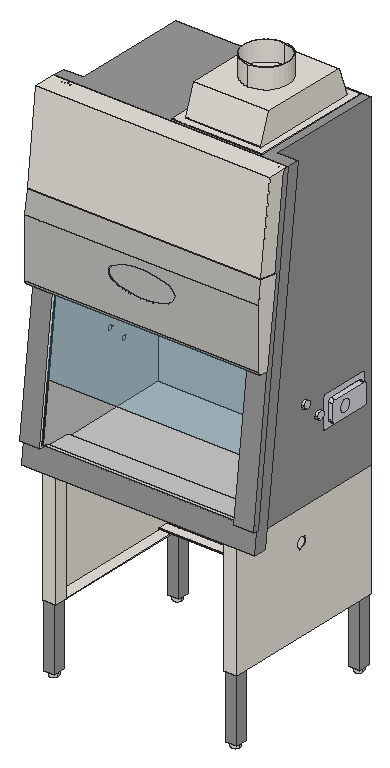
Revit family "NU-543 LabGard Class II Type A2 Laminar Flow Biosafety Cabinet with NU-911", category Mechanical Equipment, Revit 2020
Family settings
  Round Connector Dimension = Use Diameter
  Part Type = Normal
  OmniClass Number = 23.75.00.00
  OmniClass Title = Climate Control (HVAC)
  Work Plane-Based = No
  Always vertical = Yes
  Cut with Voids When Loaded = No
  Shared = No
  Room Calculation Point = No
Parameters (values of type "NU-543-300")
  window width = 2' - 11 7/8"
  transition width = 1' - 1 3/8"
  transition depth = 1' - 7 1/8"
  exhaust ring inner = 0' - 3 15/16"
  exhaust door width = 1' - 1 3/16"
  crossbar = 2' - 10 9/64"
  Workzone Width = 2' - 10 3/8"
  Overall Width = 3' - 5 9/16"
  Model = "NU-543-300"
  Manufacturer = "NuAire Inc."
  Exhaust Filter Width = 1' - 0 1/2"
  Exhaust Diameter = 0' - 8"
  Exhaust Center = 1' - 1"
  Description = "LabGard Class II Type A2 Laminar Flow Biosafety Cabinet 115v with NU-911"
  Default Elevation = 0' - 0"
  Cabinet Width = 2' - 10 9/16"
  Cabinet Height = 4' - 10 7/8"
  Cabinet Depth = 2' - 6"
Types (4): name | window width | transition width | exhaust ring inner | exhaust door width | crossbar | Workzone Width | Overall Width | Model | Exhaust Filter Width | Exhaust Diameter | Exhaust Center | Cabinet Width
  NU-543-600 | 5' - 11 7/8" | 2' - 11 3/8" | 0' - 4 15/16" | 2' - 7 3/16" | 5' - 10.1415" | 5' - 10 3/8" | 6' - 5 9/16" | "NU-543-600" | 2' - 10 1/2" | 0' - 10" | 2' - 0" | 5' - 10 9/16"
  NU-543-500 | 4' - 11 7/8" | 2' - 5 3/8" | 0' - 4 15/16" | 2' - 7 3/16" | 4' - 10 9/64" | 4' - 10 3/8" | 5' - 5 9/16" | "NU-543-500" | 2' - 4 1/2" | 0' - 10" | 1' - 9" | 4' - 10 9/16"
  NU-543-400 | 3' - 11 3/8" | 1' - 9 3/8" | 0' - 4 15/16" | 1' - 7 3/16" | 3' - 10 9/64" | 3' - 10 3/8" | 4' - 5 9/16" | "NU-543-400" | 1' - 8 1/2" | 0' - 10" | 1' - 5" | 3' - 10 9/16"
  NU-543-300 | 2' - 11 7/8" | 1' - 1 3/8" | 0' - 3 15/16" | 1' - 1 3/16" | 2' - 10 9/64" | 2' - 10 3/8" | 3' - 5 9/16" | "NU-543-300" | 1' - 0 1/2" | 0' - 8" | 1' - 1" | 2' - 10 9/16"
Reference planes (in)
  plane 1 "Center (Front/Back)": y = 0
  plane 2: z = 0
  plane 3 "Center (Left/Right)": x = 0
  plane 4: x = -17.28125
  plane 5: x = 17.28125
  plane 6: y = -30
  plane 7 "Cabinet Base": z = 32.5
  plane 8 "Cabinet Top": z = 91.375
  plane 9: x = -20.78125
  plane 10: x = 20.78125
  plane 11: z = 12
  plane 12: z = 36.5
  plane 13: z = 89.703
  plane 14: z = 0.75
  plane 15: z = 12.074
  plane 16: z = 12.25
  plane 17: z = 22.21875
  plane 18: x = -17.07031
  plane 19: x = 17.07031
  plane 20: x = -17.9375
  plane 21: x = 17.9375
  plane 22: z = 68.23219
  plane 23: x = 18.3125
  plane 24: x = 17.34375
  plane 25: z = 99.875
Forms (in)
  Extrusion 1, solid
    sketch origin (0, 0, 0) x (0, 1, 0) y (0, 0, 1)
      loop
        line (0, 32.5) -> (0, 91.375) -> (-22.77106, 91.375) -> (-30, 32.5) -> (0, 32.5)
    from -20.78125 to 20.78125
  Extrusion 2, void
    sketch origin (0, 0, 0) x (0, 1, 0) y (0, 0, 1)
      loop
        line (-20.6301, 91.375) -> (-27.85904, 32.5) -> (0, 32.5) -> (0, 91.375) -> (-20.6301, 91.375)
    from -20.78125 to -17.28125
  Extrusion 3, void
    sketch origin (0, 0, 0) x (0, 1, 0) y (0, 0, 1)
      loop
        line (-20.6301, 91.375) -> (-27.85904, 32.5) -> (0, 32.5) -> (0, 91.375) -> (-20.6301, 91.375)
    from 17.28125 to 20.78125
  Extrusion 4, void
    sketch origin (0, 0, 0) x (0, 1, 0) y (0, 0, 1)
      loop
        line (-29.50886, 36.5) -> (-28.88386, 36.5) -> (-28.88386, 36.1875) -> (-24.25886, 36.1875) -> (-24.25886, 35.6875) -> (-4.18074, 35.6875) -> (-4.18074, 63.9375) -> (-26.13996, 63.9375) -> (-29.50886, 36.5)
    from -17.1875 to 17.1875
  Extrusion 5, void
    sketch origin (0, 0, 91.375) x (1, 0, 0) y (0, -1, 0)
      loop
        line (13.98425, 2.047) -> (13.98425, 20.547) -> (1.48425, 20.547) -> (1.48425, 2.047) -> (13.98425, 2.047)
    from 0 to 1.672
  Extrusion 6, solid
    sketch origin (0, -30, 32.5) x (1, 0, 0) y (0, -1, 0)
      loop
        line (17.28125, -30) -> (17.28125, -0.29687) -> (14.96225, -0.29687) -> (14.96225, -2.54287) -> (17.13325, -2.54287) -> (17.13325, -27.754) -> (14.96225, -27.754) -> (14.96225, -30) -> (17.28125, -30)
      loop
        line (-17.28125, -30) -> (-14.96225, -30) -> (-14.96225, -27.754) -> (-17.13325, -27.754) -> (-17.13325, -2.54287) -> (-14.96225, -2.54287) -> (-14.96225, -0.29687) -> (-17.28125, -0.29687) -> (-17.28125, -30)
    from 0 to 20.5
  Extrusion 7, solid
    sketch origin (0, -30, 12) x (0, 1, 0) y (1, 0, 0)
      loop
        line (0.42187, -17.15625) -> (2.42187, -17.15625) -> (2.42187, -15.15625) -> (0.42187, -15.15625) -> (0.42187, -17.15625)
      loop
        line (0.42362, 17.15625) -> (0.42362, 15.15625) -> (2.42362, 15.15625) -> (2.42362, 17.15625) -> (0.42362, 17.15625)
      loop
        line (29.875, 17.15625) -> (27.875, 17.15625) -> (27.875, 15.15625) -> (29.875, 15.15625) -> (29.875, 17.15625)
      loop
        line (27.875, -17.15625) -> (29.875, -17.15625) -> (29.875, -15.15625) -> (27.875, -15.15625) -> (27.875, -17.15625)
    from 0 to 11.25
  Extrusion 8, solid
    sketch origin (0, -30, 0.75) x (-1, 0, 0) y (0, 1, 0)
      loop
        circle (16.15625, 1.40689) r 0.75
      loop
        circle (-16.15625, 1.42362) r 0.75
      loop
        circle (-16.15625, 28.875) r 0.75
      loop
        circle (16.15625, 28.875) r 0.75
    from 0 to 0.75
  Extrusion 9, void
    sketch origin (0, 0, 0) x (0, 1, 0) y (0, 0, 1)
      loop
        circle (-15.375, 27) r 1
    from -17.28125 to 17.28125
  Extrusion 10, solid
    sketch origin (0, -30, 12) x (0, 1, 0) y (1, 0, 0)
      loop
        line (2.54287, 17.13325) -> (2.54287, 14.96225) -> (27.754, 14.96225) -> (27.754, 17.13325) -> (2.54287, 17.13325)
      loop
        line (27.754, -14.96225) -> (2.54287, -14.96225) -> (2.54287, -17.13325) -> (27.754, -17.13325) -> (27.754, -14.96225)
    from 0 to -0.074
  Extrusion 11, solid
    sketch origin (0, 0, 0) x (0, 1, 0) y (0, 0, 1)
      loop
        line (-4.246, 22.21875) -> (-4.246, 22.09375) -> (-2.3085, 22.09375) -> (-2.3085, 12.375) -> (-4.246, 12.375) -> (-4.246, 12.25) -> (-2.246, 12.25) -> (-2.246, 22.21875) -> (-4.246, 22.21875)
    from -17.07031 to 17.07031
  Extrusion 12, solid
    sketch origin (0, 0, 0) x (0, 1, 0) y (0, 0, 1)
      loop
        line (-29.53701, 36.27075) -> (-22.77106, 91.375) -> (-23.59218, 91.375) -> (-30.34593, 36.37008) -> (-29.53701, 36.27075)
    from 17.28125 to 20.78125
  Extrusion 13, solid
    sketch origin (-20.78125, 0, 0) x (0, -1, 0) y (0, 0, 1)
      loop
        line (22.77106, 91.375) -> (29.53701, 36.27075) -> (30.34593, 36.37008) -> (23.59218, 91.375) -> (22.77106, 91.375)
    from 0 to -3.5
  Extrusion 14, void
    sketch origin (0, 0.01127, -0.00138) x (0, 1, 0) y (0, 0, 1)
      loop
        line (-29.63061, 36.53412) -> (-22.89683, 91.37638) -> (-23.3272, 91.37638) -> (-30.05459, 36.58618) -> (-29.63061, 36.53412)
    from -17.9375 to 17.9375
  Extrusion 15, solid
    sketch origin (0, 0, 0) x (0, 1, 0) y (0, 0, 1)
      loop
        line (-28.40065, 46.4582) -> (-24.84342, 75.3651) -> (-25.02951, 75.388) -> (-28.58675, 46.48105) -> (-28.40065, 46.4582)
    from -17.9375 to 17.9375
  Extrusion 16, solid
    sketch origin (0, 0, 0) x (0, 1, 0) y (0, 0, 1)
      loop
        line (-23.59218, 91.375) -> (-22.77106, 91.375) -> (-22.77106, 91.4375) -> (-26.85891, 91.4375) -> (-28.74501, 76.07644) -> (-25.51924, 75.68036) -> (-23.59218, 91.375)
      loop
        line (-25.53447, 75.5563) -> (-28.76025, 75.95237) -> (-29.24772, 71.98219) -> (-29.24772, 61.39724)
        arc (-29.24772, 61.39724) -> (-29.10651, 61.02451) -> (-28.75378, 60.83893) r 0.5625
        line (-28.75378, 60.83893) -> (-27.36251, 60.6681) -> (-25.53447, 75.5563)
    from -20.78125 to 20.78125
  Extrusion 17, void
    sketch origin (0, -29.24772, 71.98219) x (0, 0, 1) y (1, 0, 0)
      loop
        spline (-3.71919, -5.96875) -> (-3.10786, -5.76537) -> (-2.53819, -5.16909) -> (-2.049, -4.22054) -> (-1.67363, -2.98438) -> (-1.43767, -1.54483) -> (-1.35719, 0) -> (-1.43767, 1.54483) -> (-1.67363, 2.98437) -> (-2.049, 4.22054) -> (-2.53819, 5.16909) -> (-3.10786, 5.76537) -> (-3.71919, 5.96875)
        spline (-3.71919, 5.96875) -> (-4.33052, 5.76537) -> (-4.90019, 5.16909) -> (-5.38937, 4.22054) -> (-5.76474, 2.98437) -> (-6.0007, 1.54483) -> (-6.08119, 0) -> (-6.0007, -1.54483) -> (-5.76474, -2.98438) -> (-5.38937, -4.22054) -> (-4.90019, -5.16909) -> (-4.33052, -5.76537) -> (-3.71919, -5.96875)
    from 0 to 0.07687
  Extrusion 18, void
    sketch origin (0, 0, 0) x (0, 1, 0) y (0, 0, 1)
      loop
        circle (-11.846, 45.958) r 0.5
      loop
        circle (-14.842, 48.958) r 0.5
    from -17.28125 to 17.28125
  Extrusion 19, solid
    sketch origin (-0.214, 0, 0) x (0, 1, 0) y (0, 0, 1)
      loop
        arc (-10.1875, 48.25) -> (-10.36428, 48.17678) -> (-10.4375, 48) r 0.25
        line (-10.4375, 48) -> (-10.4375, 43)
        arc (-10.4375, 43) -> (-10.36428, 42.82322) -> (-10.1875, 42.75) r 0.25
        line (-10.1875, 42.75) -> (-1.6875, 42.75)
        arc (-1.6875, 42.75) -> (-1.51072, 42.82322) -> (-1.4375, 43) r 0.25
        line (-1.4375, 43) -> (-1.4375, 48)
        arc (-1.4375, 48) -> (-1.51072, 48.17678) -> (-1.6875, 48.25) r 0.25
        line (-1.6875, 48.25) -> (-10.1875, 48.25)
      loop
        arc (-9.0625, 47.375) -> (-9.41605, 47.22855) -> (-9.5625, 46.875) r 0.5
        line (-9.5625, 46.875) -> (-9.5625, 44.125)
        arc (-9.5625, 44.125) -> (-9.41605, 43.77145) -> (-9.0625, 43.625) r 0.5
        line (-9.0625, 43.625) -> (-2.8125, 43.625)
        arc (-2.8125, 43.625) -> (-2.45895, 43.77145) -> (-2.3125, 44.125) r 0.5
        line (-2.3125, 44.125) -> (-2.3125, 46.875)
        arc (-2.3125, 46.875) -> (-2.45895, 47.22855) -> (-2.8125, 47.375) r 0.5
        line (-2.8125, 47.375) -> (-9.0625, 47.375)
    from 17.49525 to 17.55775
  Extrusion 20, solid
    sketch origin (17.28125, 0, 0) x (0, 1, 0) y (0, 0, 1)
      loop
        arc (-9.0625, 47.375) -> (-9.41605, 47.22855) -> (-9.5625, 46.875) r 0.5
        line (-9.5625, 46.875) -> (-9.5625, 44.125)
        arc (-9.5625, 44.125) -> (-9.41605, 43.77145) -> (-9.0625, 43.625) r 0.5
        line (-9.0625, 43.625) -> (-2.8125, 43.625)
        arc (-2.8125, 43.625) -> (-2.45895, 43.77145) -> (-2.3125, 44.125) r 0.5
        line (-2.3125, 44.125) -> (-2.3125, 46.875)
        arc (-2.3125, 46.875) -> (-2.45895, 47.22855) -> (-2.8125, 47.375) r 0.5
        line (-2.8125, 47.375) -> (-9.0625, 47.375)
    from 0 to 1.03125
  Extrusion 21, void
    sketch origin (0, 0, 0) x (0, 1, 0) y (0, 0, 1)
      loop
        circle (-6.9375, 45.5) r 1.12448
    from 18.20767 to 18.3125
  Extrusion 22, solid
    sketch origin (1.48425, -3.8441, 96.375) x (0, -1, 0) y (1, 0, 0)
      loop
        circle (7.4684, 6.297) r 4
      loop
        circle (7.4684, 6.297) r 3.9375
    from 0 to 3.5
  Extrusion 23, solid
    sketch origin (0, 0, 91.375) x (0, -1, 0) y (1, 0, 0)
      loop
        line (1.7345, 1.04675) -> (20.8595, 1.04675) -> (20.8595, 14.42175) -> (1.7345, 14.42175) -> (1.7345, 1.04675)
      loop
        line (0.3595, -0.32825) -> (22.2345, -0.32825) -> (22.2345, 15.79675) -> (0.3595, 15.79675) -> (0.3595, -0.32825)
    from 0 to 0.0625
  Extrusion 24, solid
    sketch origin (0, 0, 0) x (0, 1, 0) y (0, 0, 1)
      loop
        line (-20.8595, 91.375) -> (-1.7345, 91.375) -> (-1.7345, 91.4375) -> (-3.5316, 96.375) -> (-19.0624, 96.375) -> (-20.8595, 91.4375) -> (-20.8595, 91.375)
    from 1.04675 to 14.42175
  Extrusion 25, solid
    sketch origin (0, -20.6301, 91.375) x (0, -0.121869, -0.992546) y (-1, 0, 0)
      loop
        circle (57.52663, 18.96723) r 0.5
    from 0 to 0.0987
  Extrusion 26, solid
    sketch origin (0, 0, 0) x (0, 1, 0) y (0, 0, 1)
      loop
        circle (-11.846, 45.958) r 0.625
      loop
        circle (-14.846, 48.954) r 0.625
    from 17.28125 to 17.9375
  Extrusion 27, solid
    sketch origin (-17.28125, 0, 0) x (0, -1, 0) y (0, 0, 1)
      loop
        circle (14.84766, 48.954) r 0.625
      loop
        circle (11.846, 45.95312) r 0.625
    from 0 to 0.65625
Cuts and joins
  Extrusion 2, Extrusion 3, Extrusion 4, Extrusion 5, Extrusion 17, Extrusion 18 cuts Extrusion 1
  Extrusion 9 cuts Extrusion 6
  Extrusion 14, Extrusion 18 cuts Extrusion 13
  Extrusion 14 cuts Extrusion 12
  Extrusion 17 cuts Extrusion 15
  Extrusion 17 cuts Extrusion 16
  Extrusion 21 cuts Extrusion 20
  joined: Extrusion 19, Extrusion 20
Dimensions and locks (in)
  equal spacing: plane 4, plane 3 "Center (Left/Right)", plane 5
  "Cabinet Width": plane 4 to plane 5
  "Cabinet Depth": plane 1 "Center (Front/Back)" to plane 6
  "Cabinet Height": plane 8 "Cabinet Top" to plane 7 "Cabinet Base"
  equal spacing: plane 10, plane 3 "Center (Left/Right)", plane 9
  "Overall Width": plane 10 to plane 9
  plane 7 "Cabinet Base" to Extrusion 1 = 4' - 10 7/8"
  locked: Extrusion 2 sketch curve to Extrusion 1 at 2.125
  Extrusion 2 to plane 7 "Cabinet Base" = 4' - 10 7/8"
  locked: cut or joined group of Extrusion 1, Extrusion 2, Extrusion 3, Extrusion 4, Extrusion 5, Extrusion 17, Extrusion 18 to Extrusion 3 sketch curve at 2.125
  Extrusion 3 to plane 7 "Cabinet Base" = 4' - 10 7/8"
  plane 7 "Cabinet Base" to level = 2' - 8 1/2"
  equal spacing: cut or joined group of Extrusion 1, Extrusion 2, Extrusion 3, Extrusion 4, Extrusion 5, Extrusion 17, Extrusion 18, plane 3 "Center (Left/Right)", cut or joined group of Extrusion 1, Extrusion 2, Extrusion 3, Extrusion 4, Extrusion 5, Extrusion 17, Extrusion 18
  "Workzone Width": cut or joined group of Extrusion 1, Extrusion 2, Extrusion 3, Extrusion 4, Extrusion 5, Extrusion 17, Extrusion 18 to cut or joined group of Extrusion 1, Extrusion 2, Extrusion 3, Extrusion 4, Extrusion 5, Extrusion 17, Extrusion 18
  locked: Extrusion 5 sketch curve to plane 5 at 3.297
  "Exhaust Filter Width": Extrusion 5 sketch curve to Extrusion 5 sketch curve
  locked: Extrusion 5 sketch curve to plane 1 "Center (Front/Back)" at 2.047
  Extrusion 5 sketch curve to Extrusion 5 sketch curve = 1' - 6 1/2"
  locked: Extrusion 6 to Extrusion 7 sketch curve at 0.125
  locked: Extrusion 7 sketch curve to Extrusion 6 at 0.125  (x4)
  Extrusion 7 sketch curve to Extrusion 7 sketch curve = 0' - 2"  (x8)
  Extrusion 6 to Extrusion 7 sketch curve = 0' - 0 1/8"  (x2)
  Extrusion 6 to Extrusion 7 sketch curve = 0' - 0.12674"
  Extrusion 8 sketch curve to Extrusion 7 = 0' - 1"  (x2)
  Extrusion 7 to Extrusion 8 sketch curve = 0' - 0.98502"
  Extrusion 7 to Extrusion 8 sketch curve = 0' - 1"  (x5)
  Extrusion 6 to Extrusion 9 sketch curve = 0' - 5 1/2"
  Extrusion 6 to Extrusion 9 sketch curve = 1' - 3 3/8"
  equal spacing: plane 19, plane 3 "Center (Left/Right)", plane 18
  "crossbar": plane 19 to plane 18
  cut or joined group of Extrusion 1, Extrusion 2, Extrusion 3, Extrusion 4, Extrusion 5, Extrusion 17, Extrusion 18 to Extrusion 12 sketch curve = 0' - 0.815"
  Extrusion 13 to Extrusion 14 sketch curve = 0' - 0.11365"
  Extrusion 14 sketch curve to Extrusion 14 sketch curve = 0' - 0.42716"
  Extrusion 13 to Extrusion 14 sketch curve = 0' - 0 1/4"
  equal spacing: plane 21, plane 3 "Center (Left/Right)", plane 20
  "window width": plane 21 to plane 20
  cut or joined group of Extrusion 13, Extrusion 14, Extrusion 18 to Extrusion 15 sketch curve to Extrusion 15 sketch curve = 0' - 10", 2' - 5 1/8" locked
  equal spacing: Extrusion 15, plane 3 "Center (Left/Right)", Extrusion 15
  "window width": Extrusion 15 to Extrusion 15
  locked: Extrusion 16 sketch curve to Extrusion 16 sketch curve at 15
  locked: Extrusion 16 sketch curve to Extrusion 16 sketch curve at 4
  Extrusion 16 sketch curve to Extrusion 16 sketch curve = 2' - 6 15/16"
  equal spacing: Extrusion 16, plane 3 "Center (Left/Right)", Extrusion 16
  "Overall Width": Extrusion 16 to Extrusion 16
  equal spacing: plane 10, Extrusion 17 sketch curve, plane 9
  Extrusion 18 sketch curve to cut or joined group of Extrusion 1, Extrusion 2, Extrusion 3, Extrusion 4, Extrusion 5, Extrusion 17, Extrusion 18 = 1' - 2.842"
  Extrusion 18 sketch curve to cut or joined group of Extrusion 6, Extrusion 9 = 1' - 1.458"
  Extrusion 18 sketch curve to cut or joined group of Extrusion 6, Extrusion 9 = 1' - 4.458"
  Extrusion 19 sketch curve to cut or joined group of Extrusion 1, Extrusion 2, Extrusion 3, Extrusion 4, Extrusion 5, Extrusion 17, Extrusion 18 = 0' - 1 7/16"
  Extrusion 19 sketch curve to Extrusion 19 sketch curve = 0' - 9"
  Extrusion 19 sketch curve to cut or joined group of Extrusion 6, Extrusion 9 = 0' - 10 1/4"
  Extrusion 19 sketch curve to Extrusion 19 sketch curve = 0' - 5 1/2"
  Extrusion 19 sketch curve to Extrusion 19 sketch curve = 0' - 3 3/4"
  Extrusion 19 sketch curve to Extrusion 19 sketch curve = 0' - 7 1/4"
  Extrusion 19 sketch curve to Extrusion 19 sketch curve = 0' - 0 7/8"
  plane 10 to plane 23 to cut or joined group of Extrusion 1, Extrusion 2, Extrusion 3, Extrusion 4, Extrusion 5, Extrusion 17, Extrusion 18 = 0' - 2 15/32" locked, 0' - 1 1/32" locked
  Extrusion 21 sketch curve to cut or joined group of Extrusion 6, Extrusion 9 = 1' - 1"
  Extrusion 21 sketch curve to cut or joined group of Extrusion 1, Extrusion 2, Extrusion 3, Extrusion 4, Extrusion 5, Extrusion 17, Extrusion 18 = 0' - 6 15/16"
  plane 23 to plane 24 to cut or joined group of Extrusion 19, Extrusion 20, Extrusion 21 = 0' - 0 31/32" locked, 0' - 0 1/16" locked
  locked: cut or joined group of Extrusion 19, Extrusion 20, Extrusion 21 to cut or joined group of Extrusion 19, Extrusion 20, Extrusion 21 at 0.10483
  locked: cut or joined group of Extrusion 1, Extrusion 2, Extrusion 3, Extrusion 4, Extrusion 5, Extrusion 17, Extrusion 18 to plane 23 at 1.03125
  "Exhaust Center": Extrusion 22 sketch curve to cut or joined group of Extrusion 1, Extrusion 2, Extrusion 3, Extrusion 4, Extrusion 5, Extrusion 17, Extrusion 18
  cut or joined group of Extrusion 1, Extrusion 2, Extrusion 3, Extrusion 4, Extrusion 5, Extrusion 17, Extrusion 18 to Extrusion 22 sketch curve = 0' - 11 5/16"
  "transition width": Extrusion 23 sketch curve to Extrusion 23 sketch curve
  "transition depth": Extrusion 23 sketch curve to Extrusion 23 sketch curve
  locked: Extrusion 23 sketch curve to cut or joined group of Extrusion 1, Extrusion 2, Extrusion 3, Extrusion 4, Extrusion 5, Extrusion 17, Extrusion 18 at 0.3125
  cut or joined group of Extrusion 1, Extrusion 2, Extrusion 3, Extrusion 4, Extrusion 5, Extrusion 17, Extrusion 18 to Extrusion 23 sketch curve = 0' - 0 7/16"
  locked: Extrusion 23 sketch curve to cut or joined group of Extrusion 1, Extrusion 2, Extrusion 3, Extrusion 4, Extrusion 5, Extrusion 17, Extrusion 18 at 0.4375
  locked: Extrusion 23 sketch curve to Extrusion 23 sketch curve at 1.375  (x3)
  locked: Extrusion 23 sketch curve to Extrusion 23 sketch curve at 21.875
  Extrusion 25 sketch curve to cut or joined group of Extrusion 1, Extrusion 2, Extrusion 3, Extrusion 4, Extrusion 5, Extrusion 17, Extrusion 18 = 0' - 1.79051"
  cut or joined group of Extrusion 1, Extrusion 2, Extrusion 3, Extrusion 4, Extrusion 5, Extrusion 17, Extrusion 18 to Extrusion 25 sketch curve = 0' - 1.81402"
  Extrusion 18 sketch curve to cut or joined group of Extrusion 1, Extrusion 2, Extrusion 3, Extrusion 4, Extrusion 5, Extrusion 17, Extrusion 18 = 0' - 11.846"
  Extrusion 26 sketch curve to cut or joined group of Extrusion 6, Extrusion 9 = 1' - 1.458"
  Extrusion 26 sketch curve to cut or joined group of Extrusion 6, Extrusion 9 = 1' - 4.454"
  Extrusion 26 sketch curve to cut or joined group of Extrusion 1, Extrusion 2, Extrusion 3, Extrusion 4, Extrusion 5, Extrusion 17, Extrusion 18 = 0' - 11.846"
  Extrusion 26 sketch curve to cut or joined group of Extrusion 1, Extrusion 2, Extrusion 3, Extrusion 4, Extrusion 5, Extrusion 17, Extrusion 18 = 1' - 2.846"
  Extrusion 27 sketch curve to cut or joined group of Extrusion 6, Extrusion 9 = 1' - 1 29/64"
  Extrusion 27 sketch curve to cut or joined group of Extrusion 6, Extrusion 9 = 1' - 4.454"
  cut or joined group of Extrusion 1, Extrusion 2, Extrusion 3, Extrusion 4, Extrusion 5, Extrusion 17, Extrusion 18 to Extrusion 27 sketch curve = 0' - 11.846"
  cut or joined group of Extrusion 1, Extrusion 2, Extrusion 3, Extrusion 4, Extrusion 5, Extrusion 17, Extrusion 18 to Extrusion 27 sketch curve = 1' - 2 217/256"
  "Exhaust Diameter": diameter of Extrusion 22 sketch curve
  "exhaust ring inner": radius of Extrusion 22 sketch curve
  locked: plane 6 to Extrusion 1 sketch curve (angle 7.00°)
  aligned and locked: level to plane 2
  aligned and locked: plane 1 "Center (Front/Back)" to Extrusion 1 sketch curve
  aligned and locked: plane 8 "Cabinet Top" to Extrusion 1 sketch curve
  aligned and locked: plane 7 "Cabinet Base" to Extrusion 1 sketch curve
  aligned and locked: Extrusion 1 to plane 9
  aligned and locked: Extrusion 1 to plane 10
  aligned and locked: Extrusion 2 sketch curve to Extrusion 1  (x3)
  aligned and locked: Extrusion 2 to plane 9
  aligned and locked: plane 4 to Extrusion 2
  aligned and locked: cut or joined group of Extrusion 1, Extrusion 2, Extrusion 3, Extrusion 4, Extrusion 5, Extrusion 17, Extrusion 18 to Extrusion 3 sketch curve  (x2)
  aligned and locked: Extrusion 3 sketch curve to cut or joined group of Extrusion 1, Extrusion 2, Extrusion 3, Extrusion 4, Extrusion 5, Extrusion 17, Extrusion 18
  aligned and locked: Extrusion 3 to plane 10
  aligned and locked: Extrusion 3 to plane 5
  aligned and locked: Extrusion 5 to plane 13
  aligned and locked: Extrusion 6 to plane 11
  aligned and locked: Extrusion 6 to plane 7 "Cabinet Base"
  aligned and locked: plane 14 to Extrusion 7
  aligned and locked: Extrusion 8 to level
  aligned and locked: plane 5 to Extrusion 9
  aligned and locked: Extrusion 9 to plane 4
  aligned and locked: Extrusion 10 sketch curve to cut or joined group of Extrusion 6, Extrusion 9  (x8)
  aligned and locked: plane 15 to Extrusion 10
  aligned and locked: Extrusion 11 to plane 18
  aligned and locked: plane 19 to Extrusion 11
  aligned and locked: plane 8 "Cabinet Top" to Extrusion 12 sketch curve
  aligned and locked: Extrusion 12 to plane 10
  aligned and locked: Extrusion 12 to plane 5
  aligned and locked: plane 8 "Cabinet Top" to Extrusion 13 sketch curve
  aligned and locked: cut or joined group of Extrusion 1, Extrusion 2, Extrusion 3, Extrusion 4, Extrusion 5, Extrusion 17, Extrusion 18 to Extrusion 13 sketch curve
  aligned and locked: Extrusion 13 sketch curve to Extrusion 12  (x2)
  aligned and locked: plane 4 to Extrusion 13
  aligned and locked: Extrusion 14 to plane 20
  aligned and locked: Extrusion 14 to plane 21
  aligned and locked: Extrusion 14 to plane 8 "Cabinet Top"
  aligned and locked: plane 5 to Extrusion 18
  aligned and locked: Extrusion 18 to plane 4
  aligned and locked: Extrusion 19 to plane 5
  aligned and locked: Extrusion 19 to Extrusion 20 sketch curve  (x4)
  aligned and locked: Extrusion 20 to plane 23
  aligned and locked: Extrusion 21 to plane 23
  aligned and locked: Extrusion 20 to plane 5
  aligned and locked: Extrusion 19 to plane 24
  aligned and locked: plane 25 to Extrusion 22
  aligned and locked: cut or joined group of Extrusion 16, Extrusion 17 to Extrusion 23
  aligned and locked: Extrusion 24 sketch curve to Extrusion 23  (x3)
  aligned and locked: Extrusion 24 to Extrusion 23  (x2)
  aligned and locked: Extrusion 22 to Extrusion 24
  aligned and locked: Extrusion 26 to plane 5
  aligned and locked: Extrusion 27 to plane 20
  aligned and locked: plane 21 to Extrusion 26
Automatic sketch dimensions
  Extrusion 1 sketch curve to plane 6 = 0' - 0"
  plane 12 to Extrusion 4 sketch curve = 0' - 0"
  plane 6 to Extrusion 4 sketch curve = 0' - 0.49114"
  plane 12 to Extrusion 4 sketch curve = 0' - 0 5/16"
  Extrusion 4 sketch curve to Extrusion 4 sketch curve = 0' - 0 5/8"
  plane 6 to Extrusion 4 sketch curve = 0' - 3.86004"
  plane 12 to Extrusion 4 sketch curve = 0' - 0 13/16"
  Extrusion 4 sketch curve to Extrusion 4 sketch curve = 0' - 4 5/8"
  plane 1 "Center (Front/Back)" to Extrusion 4 sketch curve = 0' - 4.18074"
  Extrusion 4 sketch curve to plane 13 = 2' - 1.7655"
  Extrusion 1 to Extrusion 6 sketch curve = 0' - 0"  (x2)
  Extrusion 6 sketch curve to Extrusion 1 = 0' - 3 1/2"
  Extrusion 6 sketch curve to Extrusion 6 sketch curve = 0' - 0.148"  (x2)
  Extrusion 6 sketch curve to Extrusion 6 sketch curve = 0' - 2.171"  (x3)
  Extrusion 1 to Extrusion 6 sketch curve = 0' - 2.246"  (x2)
  Extrusion 6 sketch curve to Extrusion 1 = 0' - 5.819"  (x2)
  Extrusion 6 sketch curve to Extrusion 1 = 0' - 0 19/64"  (x2)
  Extrusion 6 sketch curve to Extrusion 6 sketch curve = 0' - 2.246"  (x2)
  Extrusion 11 sketch curve to plane 17 = 0' - 0"
  Extrusion 11 sketch curve to plane 16 = 0' - 0"
  plane 1 "Center (Front/Back)" to Extrusion 11 sketch curve = 0' - 4.246"  (x2)
  plane 16 to Extrusion 11 sketch curve = 0' - 0 1/8"
  Extrusion 11 sketch curve to Extrusion 11 sketch curve = 0' - 1 15/16"
  Extrusion 11 sketch curve to Extrusion 11 sketch curve = 0' - 0 1/16"
  Extrusion 11 sketch curve to Extrusion 11 sketch curve = 0' - 0 1/8"
  plane 6 to Extrusion 12 sketch curve = 0' - 0.46299"
  Extrusion 12 sketch curve to plane 6 = 0' - 0.34593"
  plane 8 "Cabinet Top" to Extrusion 14 sketch curve = 0' - 0"
  Extrusion 15 sketch curve to Extrusion 15 sketch curve = 0' - 0.1861"
  plane 6 to Extrusion 15 sketch curve = 0' - 1.41325"
  plane 6 to Extrusion 15 sketch curve = 0' - 4.97049"
  level to Extrusion 15 sketch curve = 6' - 3.3651"
  plane 8 "Cabinet Top" to Extrusion 16 sketch curve = 0' - 0"
  Extrusion 16 sketch curve to Extrusion 16 sketch curve = 0' - 0.01523"  (x2)
  Extrusion 16 sketch curve to Extrusion 16 sketch curve = 0' - 1.39126"
  Extrusion 16 sketch curve to plane 8 "Cabinet Top" = 0' - 0 1/16"
  Extrusion 16 sketch curve to Extrusion 16 sketch curve = 0' - 0.82112"
  Extrusion 16 sketch curve to Extrusion 16 sketch curve = 0' - 0.12407"
  plane 6 to Extrusion 16 sketch curve = 0' - 0.75228"
  plane 6 to Extrusion 16 sketch curve = 0' - 1.23975"
  Extrusion 16 sketch curve to Extrusion 16 sketch curve = 0' - 0.49395"
  plane 6 to Extrusion 16 sketch curve = 0' - 3.14109"
  Extrusion 17 sketch curve to Extrusion 16 = 0' - 3.71919"
  Extrusion 17 sketch curve to Extrusion 17 sketch curve = 0' - 5 31/32"
  Extrusion 19 sketch curve to Extrusion 19 sketch curve = 0' - 0 1/4"  (x4)
  Extrusion 19 sketch curve to Extrusion 19 sketch curve = 0' - 0 5/8"
  Extrusion 19 sketch curve to Extrusion 19 sketch curve = 0' - 0 1/2"  (x4)
  Extrusion 20 sketch curve to Extrusion 20 sketch curve = 0' - 0 1/2"  (x4)
  Extrusion 24 sketch curve to plane 25 = 0' - 3 1/2"
  Extrusion 24 sketch curve to Extrusion 24 sketch curve = 0' - 1.7971"
  plane 1 "Center (Front/Back)" to Extrusion 24 sketch curve = 0' - 3.5316"
  Extrusion 24 sketch curve to plane 8 "Cabinet Top" = 0' - 0 1/16"  (x2)
  Extrusion 22 sketch curve to Extrusion 22 sketch curve = 0' - 0"  (x2)
  radius of Extrusion 8 sketch curve = 0' - 0 3/4"  (x4)
  radius of Extrusion 9 sketch curve = 0' - 1"
  radius of Extrusion 18 sketch curve = 0' - 0 1/2"  (x2)
  radius of Extrusion 21 sketch curve = 0' - 1.12448"
  radius of Extrusion 25 sketch curve = 0' - 0 1/2"
  radius of Extrusion 26 sketch curve = 0' - 0 5/8"  (x2)
  radius of Extrusion 27 sketch curve = 0' - 0 5/8"  (x2)
Connectors (in)
  hvac at (7.78125, -11.3125, 99.875), driven by "Exhaust Diameter"
    settings: on Extrusion 22, index 1, duct flow 0 CFM, flow factor 0, pres drop 0.00 in-wg, loss coef 0, conn angle 0.00°, conn width 12", conn height 12", conn diameter 8", duct sys type 3, conn prof type 0, flow config 0, flow direction 2, loss method 0, conn ref index -1, conn util no, is conn primary yes, conn desc ""
  piping at (17.9375, -11.846, 45.958), diameter 0.875
    settings: on Extrusion 26, index 2, connector inside diameter 24", connector length 0' - 0", flow factor 0, pipe flow 0 GPM, pressure drop 0.00 psi, fitting loss kfactor 0, connector angle 0.00°, fixture units 0, engagement length 0' - 0", angle of deflection 0.00°, flow configuration 0, flow direction 1, fitting loss method 0, system type 28, joint type 0, gender type 0, connector reference index -1, connector utility 0, adjustable connector no, is connector primary yes, connector description ""
  piping at (17.9375, -14.846, 48.954), diameter 0.875
    settings: on Extrusion 26, index 3, connector inside diameter 24", connector length 0' - 0", flow factor 0, pipe flow 0 GPM, pressure drop 0.00 psi, fitting loss kfactor 0, connector angle 0.00°, fixture units 0, engagement length 0' - 0", angle of deflection 0.00°, flow configuration 0, flow direction 0, fitting loss method 0, system type 28, joint type 0, gender type 0, connector reference index -1, connector utility 0, adjustable connector no, is connector primary no, connector description ""
  electrical at (-18.96723, -27.54287, 34.26514)
    settings: on Extrusion 25, index 4, voltage 115 V, apparent load 0 VA, apparent load phase1 0 VA, apparent load phase2 0 VA, apparent load phase3 0 VA, power factor 1, load classification "Power", number of poles 2, system type 31, power factor state 1, is connector primary yes, connector utility yes, sub classification motor no, connector description ""
